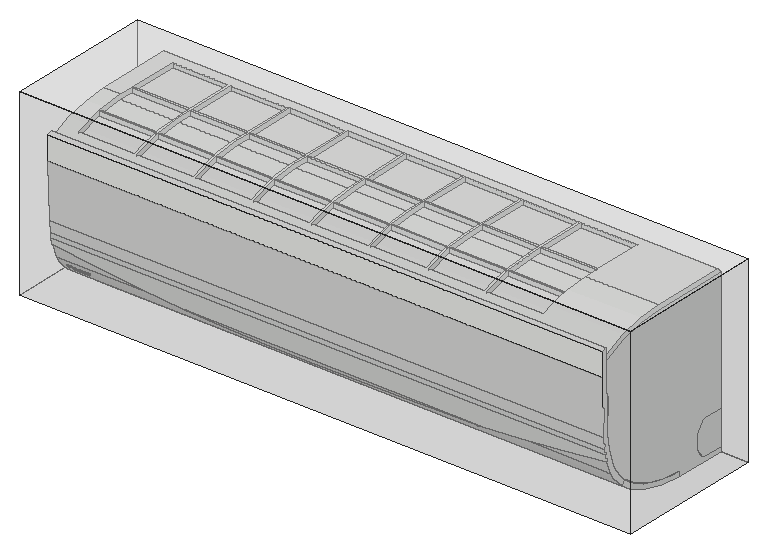
Revit family "outputfile", category 機械設備, Revit 2024
Family settings
  丸型コネクタ寸法 = 半径を使用
  パーツ タイプ = 標準
  OmniClass 番号 = 23.75.10.24.21.27.27
  OmniClass タイトル = Split System Air Conditioning Units
  作業面ベース = いいえ
  常に垂直 = はい
  ロード時にボイドで切り取り = いいえ
  注釈の向きを維持 = いいえ
  共有 = いいえ
  部屋計算ポイント = いいえ
Parameters (values of type "CTKC50SVM4")
  Description = ""
  書き出し IFC クラス(タイプ) = "IfcUnitaryEquipmentType"
  定義済み IFC タイプ(タイプ) = "AIRCONDITIONINGUNIT"
  Cost = 0
  Type Comments = ""
  Keynote = ""
  Type Image = (empty or 0)
  Assembly Code = ""
  w_wall hole = if(Width = 770.0 mm, 48.0 mm, 60.0 mm)  # 60.0 mm
  製造元 = "Daikin"
  モデル = "CTKC50SVM4"
  switch_frequency = yes
  r_Liquid Pipe Size = Liquid Pipe Size / 2  # 3.2 mm
  r_Gas Pipe Size = Gas Pipe Size / 2  # 6.35 mm
  r_Drain Pipe Size = Drain Pipe Size / 2  # 8.0 mm
  lw_powersupply [instance] = if(Width = 770.0 mm, if(or(Rear Right Connection_refrigerant, Bottom Right Connection_refrigerant), 25.0 mm, if(or(Rear Left Connection_refrigerant, Bottom Left Connection_refrigerant), 745.0 mm, 400.0 mm)), if(Width = 990.0 mm, if(or(Rear Right Connection_refrigerant, Bottom Right Connection_refrigerant), 40.0 mm, if(or(Rear Left Connection_refrigerant, Bottom Left Connection_refrigerant), 920.0 mm, 400.0 mm)), if(or(Rear Right Connection_refrigerant, Bottom Right Connection_refrigerant), 40.0 mm, if(or(Rear Left Connection_refrigerant, Bottom Left Connection_refrigerant), 920.0 mm, 400.0 mm))))  # 400.0 mm
  lw_liquidpipe [instance] = if(Width = 770.0 mm, if(or(Rear Right Connection_refrigerant, Bottom Right Connection_refrigerant), 0.0 mm, if(or(Rear Left Connection_refrigerant, Bottom Left Connection_refrigerant), 664.0 mm, 385.0 mm)), if(Width = 990.0 mm, if(or(Rear Right Connection_refrigerant, Bottom Right Connection_refrigerant), 0.0 mm, if(or(Rear Left Connection_refrigerant, Bottom Left Connection_refrigerant), 664.0 mm + (990.0 mm - 770.0 mm), 475.0 mm)), if(or(Rear Right Connection_refrigerant, Bottom Right Connection_refrigerant), 0.0 mm, if(or(Rear Left Connection_refrigerant, Bottom Left Connection_refrigerant), 664.0 mm + (990.0 mm - 770.0 mm), 475.0 mm))))  # 475.0 mm
  lw_gaspipe [instance] = if(Width = 770.0 mm, if(or(Rear Right Connection_refrigerant, Bottom Right Connection_refrigerant), 0.0 mm, if(or(Rear Left Connection_refrigerant, Bottom Left Connection_refrigerant), 675.0 mm, if(Gas Pipe Size = 12.7 mm, 345.0 mm, 335.0 mm))), if(Width = 990.0 mm, if(or(Rear Right Connection_refrigerant, Bottom Right Connection_refrigerant), 10.0 mm, if(or(Rear Left Connection_refrigerant, Bottom Left Connection_refrigerant), 890.0 mm, if(Gas Pipe Size = 15.9 mm, 410.0 mm, 400.0 mm))), if(or(Rear Right Connection_refrigerant, Bottom Right Connection_refrigerant), 10.0 mm, if(or(Rear Left Connection_refrigerant, Bottom Left Connection_refrigerant), 890.0 mm, if(Gas Pipe Size = 15.9 mm, 410.0 mm, 400.0 mm)))))  # 400.0 mm
  lw_drainpipe [instance] = if(Width = 770.0 mm, if(or(Rear Right Connection_refrigerant, Bottom Right Connection_refrigerant), 0.0 mm, if(or(Rear Left Connection_refrigerant, Bottom Left Connection_refrigerant), 770.0 mm - 48.0 mm - 48.0 mm, 440.0 mm)), if(Width = 990.0 mm, if(or(Rear Right Connection_refrigerant, Bottom Right Connection_refrigerant), 0.0 mm, if(or(Rear Left Connection_refrigerant, Bottom Left Connection_refrigerant), 675.0 mm + (990.0 mm - 770.0 mm), 435.0 mm)), if(or(Rear Right Connection_refrigerant, Bottom Right Connection_refrigerant), 0.0 mm, if(or(Rear Left Connection_refrigerant, Bottom Left Connection_refrigerant), 675.0 mm + (990.0 mm - 770.0 mm), 435.0 mm))))  # 435.0 mm
  l_powersupply_length [instance] = if(Width = 770.0 mm, if(Right Connection_refrigerant, 400.0 mm, if(Left Connection_refrigerant, 770.0 mm - 400.0 mm, if(or(Rear Left Connection_refrigerant, Rear Right Connection_refrigerant), 15.0 mm, 50.0 mm))), if(Width = 990.0 mm, if(Right Connection_refrigerant, 400.0 mm, if(Left Connection_refrigerant, 990.0 mm - 400.0 mm, if(or(Rear Left Connection_refrigerant, Rear Right Connection_refrigerant), 15.0 mm, 50.0 mm))), if(Right Connection_refrigerant, 400.0 mm, if(Left Connection_refrigerant, 990.0 mm - 400.0 mm, if(or(Rear Left Connection_refrigerant, Rear Right Connection_refrigerant), 15.0 mm, 50.0 mm)))))  # 400.0 mm
  l_liquidpipe_length [instance] = if(Width = 770.0 mm, if(Right Connection_refrigerant, 433.0 mm, if(Left Connection_refrigerant, 337.0 mm, if(or(Rear Left Connection_refrigerant, Rear Right Connection_refrigerant), 30.0 mm, 40.0 mm))), if(Width = 990.0 mm, if(Right Connection_refrigerant, 535.0 mm, if(Left Connection_refrigerant, 455.0 mm, if(or(Rear Left Connection_refrigerant, Rear Right Connection_refrigerant), 30.0 mm, 40.0 mm))), if(Right Connection_refrigerant, 535.0 mm, if(Left Connection_refrigerant, 455.0 mm, if(or(Rear Left Connection_refrigerant, Rear Right Connection_refrigerant), 30.0 mm, 40.0 mm)))))  # 535.0 mm
  l_gaspipe_length [instance] = if(Width = 770.0 mm, if(Right Connection_refrigerant, if(Gas Pipe Size = 12.7 mm, 393.0 mm, 383.0 mm), if(Left Connection_refrigerant, if(Gas Pipe Size = 12.7 mm, 770.0 mm - 393.0 mm, 770.0 mm - 383.0 mm), if(or(Rear Left Connection_refrigerant, Rear Right Connection_refrigerant), 40.0 mm, 50.0 mm))), if(Width = 990.0 mm, if(Right Connection_refrigerant, if(Gas Pipe Size = 15.9 mm, 470.0 mm, 460.0 mm), if(Left Connection_refrigerant, if(Gas Pipe Size = 15.9 mm, 990.0 mm - 470.0 mm, 990.0 mm - 460.0 mm), if(or(Rear Left Connection_refrigerant, Rear Right Connection_refrigerant), 40.0 mm, 50.0 mm))), if(Right Connection_refrigerant, if(Gas Pipe Size = 15.9 mm, 470.0 mm, 460.0 mm), if(Left Connection_refrigerant, if(Gas Pipe Size = 15.9 mm, 990.0 mm - 470.0 mm, 990.0 mm - 460.0 mm), if(or(Rear Left Connection_refrigerant, Rear Right Connection_refrigerant), 40.0 mm, 50.0 mm)))))  # 460.0 mm
  l_drainpipe_length [instance] = if(Width = 770.0 mm, if(Right Connection_refrigerant, 488.0 mm, if(Left Connection_refrigerant, 282.0 mm, if(or(Rear Left Connection_refrigerant, Rear Right Connection_refrigerant), 15.0 mm, 20.0 mm))), if(Width = 990.0 mm, if(Right Connection_refrigerant, 495.0 mm, if(Left Connection_refrigerant, 495.0 mm, if(or(Rear Left Connection_refrigerant, Rear Right Connection_refrigerant), 15.0 mm, 20.0 mm))), if(Right Connection_refrigerant, 495.0 mm, if(Left Connection_refrigerant, 495.0 mm, if(or(Rear Left Connection_refrigerant, Rear Right Connection_refrigerant), 15.0 mm, 20.0 mm)))))  # 495.0 mm
  h*** = 0.0 mm  # constant formula
  connector_voltage = Voltage_50Hz  # 230 V
  connector_powerinput = [Power Input (Cooling)]  # 0.000 kW
  connector_phase = Phase_50Hz  # 1
  angle_vertical [instance] = if(or(Bottom Left Connection_refrigerant, Bottom Right Connection_refrigerant), 0.00°, 90.00°)  # 90.00°
  angle_horizontal [instance] = if(Right Connection_refrigerant, 90.00°, if(Left Connection_refrigerant, -90.00°, if(or(Rear Left Connection_refrigerant, Rear Right Connection_refrigerant), 180.00°, 0.00°)))  # 90.00°
  Width = 990.0 mm
  Voltage_comment_50Hz = "220 - 240"
  Voltage_50Hz = 230 V
  Version = "ver.1.0"
  Unit Type = "Wall Mounted"
  Unit Mass Weight = 12.00 kg
  Unit Designation [instance] = ""
  Uniclass2015Version = "Products v1.30"
  Uniclass2015Title = "Split coil room air conditioning units"
  Uniclass2015Code = "Pr_70_65_03_86"
  URL = ""
  Total Cooling Capacity [instance] = 0.000 kW
  Sound Pressure Level_M speed (dBA) = 40
  Sound Pressure Level_L speed (dBA) = 35
  Sound Pressure Level_H speed (dBA) = 44
  Sound Power Level_H speed (dB) = 0
  Series = "Multi Split_Fan Coil Unit"
  Sensible Cooling Capacity [instance] = 0.000 kW
  Refrigerant Type = "R32"
  Power Input (Cooling) = 0.000 kW
  Phase_50Hz = 1
  Option Accessory 3 [instance] = ""
  Option Accessory 2 [instance] = ""
  Option Accessory 1 [instance] = ""
  Nominal Cooling Capacity = 5.000 kW
  Minimum Circuit Amps_50Hz = 0.0 A
  Minimum Airflow = 900.00 m³/h
  Median Airflow = 1032.00 m³/h
  Maximum Fuse Amps_50Hz = 0.0 A
  Maximum Airflow = 1150.00 m³/h
  Material_Casing = DAIKIN_White_Casing_indoorunit
  Load Classification = HVAC
  Liquid Pipe Size = 6.4 mm
  Link_Nested Family [instance] = ""
  IfcVersion = ""
  IfcExportType = "AIRCONDITIONINGUNIT"
  IfcExportAs = "IfcUnitaryEquipmentType"
  Height = 295.0 mm
  Heat Exchanger Type = "Cross Fin Coil"
  Gas Pipe Size = 12.7 mm
  Frequency_50Hz = 50 Hz
  Fan Type = "Cross Flow Fan"
  Fan Drive = "Direct Drive"
  FCU Tag No. [instance] = ""
  Drain Pipe Size = 16.0 mm
  Design Supply Airflow [instance] = 0.00 m³/h
  Depth = 263.0 mm
  既定の高さ = 0.0 mm
  Cooling Entering Wet Bulb Temperature [instance] = 0.00 °C
  Cooling Entering Dry Bulb Temperature [instance] = 0.00 °C
  Cooling Ambient Wet Bulb Temperature [instance] = 0.00 °C
  Cooling Ambient Dry Bulb Temperature [instance] = 0.00 °C
  Clearance visibility [instance] = yes
  Clearance Top = 30.0 mm
  Clearance Right = 50.0 mm
  Clearance Rear = 0.0 mm
  Clearance Left = 50.0 mm
  Clearance Front = 0.0 mm
  Clearance Bottom = 0.0 mm
  Bottom Right Connection_refrigerant [instance] = no
  Bottom Left Connection_refrigerant [instance] = no
  Rear Right Connection_refrigerant [instance] = no
  Rear Left Connection_refrigerant [instance] = no
  Right Connection_refrigerant [instance] = yes
  Left Connection_refrigerant [instance] = no
Reference planes
  plane 1 "Back": y = 0
  plane 2: z = 0
  plane 3 "Center (Left/Right)": x = 0
  plane 4 "Center (Front/Back)": y = -131.5
  plane 5 "Front": y = -263
  plane 6 "Left": x = -495
  plane 7 "Right": x = 495
  plane 8 "Top": z = 0
  plane 9 "Bottom": z = -295
  plane 10: x = -545
  plane 11: x = 545
  plane 12: y = 0
  plane 13: y = -263
  plane 14: z = 30
  plane 15: z = -295
  plane 16 "lw_Piping and Wiring intake": x = 435
  plane 17 "lw_gaspipe": x = 35
  plane 18 "lw_liquidpipe": x = -40
  plane 19 "lw_drainpipe": x = 0
  plane 20 "lh_drainpipe": z = -275
  plane 21 "lh_liquidpipe": z = -255
  plane 22 "lh_gaspipe": z = -245
  plane 23 "ld_drainpipe": y = -15
  plane 24 "ld_liquidpipe": y = -30
  plane 25 "ld_gaspipe": y = -40
  plane 26 "lw_powersupply": x = 95
Dimensions and locks
  equal spacing: plane 6 "Left", plane 3 "Center (Left/Right)", plane 7 "Right"
  "Width": plane 6 "Left" to plane 7 "Right"
  equal spacing: plane 5 "Front", plane 4 "Center (Front/Back)", plane 1 "Back"
  "Depth": plane 5 "Front" to plane 1 "Back"
  "Height": plane 8 "Top" to plane 9 "Bottom"
  "Clearance Rear": plane 12 to plane 1 "Back"
  "Clearance Front": plane 13 to plane 5 "Front"
  "Clearance Top": plane 14 to plane 8 "Top"
  "Clearance Bottom": plane 9 "Bottom" to plane 15
  "w_wall hole": plane 16 "lw_Piping and Wiring intake" to plane 7 "Right"
  "lw_gaspipe": plane 17 "lw_gaspipe" to plane 16 "lw_Piping and Wiring intake"
  "lw_liquidpipe": plane 18 "lw_liquidpipe" to plane 16 "lw_Piping and Wiring intake"
  "lw_drainpipe": plane 19 "lw_drainpipe" to plane 16 "lw_Piping and Wiring intake"
  locked: plane 20 "lh_drainpipe" to plane 9 "Bottom" at 20
  locked: plane 21 "lh_liquidpipe" to plane 9 "Bottom" at 40
  locked: plane 22 "lh_gaspipe" to plane 9 "Bottom" at 50
  locked: plane 23 "ld_drainpipe" to plane 1 "Back" at 15
  locked: plane 1 "Back" to plane 24 "ld_liquidpipe" at 30
  locked: plane 1 "Back" to plane 25 "ld_gaspipe" at 40
  "lw_powersupply": plane 26 "lw_powersupply" to plane 7 "Right"
  "Clearance Right": plane 7 "Right" to plane 11
  "Clearance Left": plane 10 to plane 6 "Left"
  aligned and locked: level to plane 2
  aligned and locked: plane 12 to nested 1
  aligned and locked: nested 1 to plane 13
  aligned and locked: plane 10 to nested 1
  aligned and locked: plane 11 to nested 1
  aligned and locked: plane 15 to nested 1
  aligned and locked: plane 14 to nested 1
  aligned and locked: plane 17 "lw_gaspipe" to nested 2
  aligned and locked: nested 2 to plane 25 "ld_gaspipe"
  aligned and locked: plane 18 "lw_liquidpipe" to nested 3
  aligned and locked: nested 3 to plane 24 "ld_liquidpipe"
  aligned and locked: plane 19 "lw_drainpipe" to nested 4
  aligned and locked: nested 4 to plane 23 "ld_drainpipe"
  aligned and locked: nested 5 to plane 23 "ld_drainpipe"
  aligned and locked: plane 26 "lw_powersupply" to nested 5
  aligned and locked: level to plane 8 "Top"
  aligned and locked: plane 3 "Center (Left/Right)" to nested 6
  aligned and locked: plane 1 "Back" to nested 6
  aligned and locked: plane 8 "Top" to nested 6
Nested families
  nested 1: "daikin_clearancespace" at (0, -131.5, -132.381), show <- "Clearance visibility", visible <- "Clearance visibility", Link_Nested Family <- "Link_Nested Family", type "daikin_clearancespace"
    with width 1090.0 mm, show yes, height 325.0 mm, depth 263.0 mm, Link_Nested Family ""
  nested 2: "daikin_connector_rotate3" at (35, -40, -245), angle_vertical <- "angle_vertical", angle_horizontal <- "angle_horizontal", length <- "l_gaspipe_length", radius <- "r_Gas Pipe Size", type "daikin_connector_rotate3"
    with show no, radius 6.35 mm, length 460.0 mm, angle_vertical 90.00°, angle_horizontal 90.00°
  nested 3: "daikin_connector_rotate3" at (-40, -30, -255), angle_vertical <- "angle_vertical", angle_horizontal <- "angle_horizontal", radius <- "r_Liquid Pipe Size", length <- "l_liquidpipe_length", type "daikin_connector_rotate3"
    with show no, radius 3.2 mm, length 535.0 mm, angle_vertical 90.00°, angle_horizontal 90.00°
  nested 4: "daikin_connector_rotate3" at (0, -15, -275), angle_vertical <- "angle_vertical", angle_horizontal <- "angle_horizontal", length <- "l_drainpipe_length", radius <- "r_Drain Pipe Size", type "daikin_connector_rotate3"
    with show no, radius 8.0 mm, length 495.0 mm, angle_vertical 90.00°, angle_horizontal 90.00°
  nested 5: "daikin_connector_rotate3" at (95, -15, -245), angle_vertical <- "angle_vertical", angle_horizontal <- "angle_horizontal", length <- "l_powersupply_length", type "daikin_connector_rotate3"
    with show no, radius 10.0 mm, length 400.0 mm, angle_vertical 90.00°, angle_horizontal 90.00°
  nested 6: "DAIKIN_indoorunit_CTKC-SVM4" at (-31, 0, 0), type "CTKC-SVM4"
Connectors
  piping at (495, -40, -245), diameter 12.7, driven by "r_Gas Pipe Size"
    settings: on nested 2, index 1, connector inside diameter 609.6 mm, connector length 0.0 mm, flow factor 0, pipe flow 0.00 m³/h, pressure drop 0.0 Pa, fitting loss kfactor 0, connector angle 0.00°, fixture units 0, engagement length 0.0 mm, angle of deflection 0.00°, flow configuration 1, flow direction 2, fitting loss method 0, system type 29, joint type 0, gender type 0, connector reference index -1, connector utility 0, adjustable connector no, is connector primary yes, connector description "Refrigerant Gas Piping"
  piping at (495, -30, -255), diameter 6.4, driven by "r_Liquid Pipe Size"
    settings: on nested 3, index 2, connector inside diameter 609.6 mm, connector length 0.0 mm, flow factor 0, pipe flow 0.00 m³/h, pressure drop 0.0 Pa, fitting loss kfactor 0, connector angle 0.00°, fixture units 0, engagement length 0.0 mm, angle of deflection 0.00°, flow configuration 1, flow direction 1, fitting loss method 0, system type 29, joint type 0, gender type 0, connector reference index -1, connector utility 0, adjustable connector no, is connector primary no, connector description "Refrigerant Liquid Piping"
  piping at (495, -15, -275), diameter 16, driven by "r_Drain Pipe Size"
    settings: on nested 4, index 3, connector inside diameter 609.6 mm, connector length 0.0 mm, flow factor 0, pipe flow 0.00 m³/h, pressure drop 0.0 Pa, fitting loss kfactor 0, connector angle 0.00°, fixture units 0, engagement length 0.0 mm, angle of deflection 0.00°, flow configuration 1, flow direction 2, fitting loss method 4, system type 16, joint type 0, gender type 0, connector reference index -1, connector utility 0, adjustable connector no, is connector primary no, connector description "Condensate Drain Piping"
  electrical at (495, -15, -245), driven by "Load Classification", driven by "connector_voltage", driven by "connector_powerinput", driven by "connector_phase"
    settings: on nested 5, index 4, voltage 230 V, apparent load 0 VA, apparent load phase1 0 VA, apparent load phase2 0 VA, apparent load phase3 0 VA, power factor 1, load classification "HVAC", number of poles 1, system type 30, power factor state 1, is connector primary yes, connector utility no, sub classification motor no, connector description "Power Supply"
Definition of nested family "daikin_clearancespace"
  Parameters (values of type "daikin_clearancespace")
    Description = "daikin_clearancespace"
    width [instance] = 1823.963 mm
    show [instance] = yes
    material = none
    height [instance] = 1359.762 mm
    depth [instance] = 880.0 mm
    Default Elevation = 0.0 mm
    Link_Nested Family [instance] = ""
  Reference planes
    plane 1 "Center (Front/Back)": y = 0
    plane 2 "Center (Elevation)": z = -0.119
    plane 3 "Center (Left/Right)": x = 0
    plane 4: y = 440
    plane 5: y = -440
    plane 6 "Right": x = 911.982
    plane 7 "Left": x = -911.982
    plane 8 "Top": z = 679.762
    plane 9 "Bottom": z = -680
  Forms (mm)
    Extrusion 1, solid, material <- "material", visible <- "show"
      sketch origin (0, 0, 0) x (1, 0, 0) y (0, 1, 0)
        loop
          line (-911.982, 440) -> (-911.982, -440) -> (911.982, -440) -> (911.982, 440) -> (-911.982, 440)
      from -680 to 679.762
  Lines and regions (mm)
    symbolic lines, visible <- "show"
      curve 1: line (911.982, 440, 0) -> (-911.982, 440, 0)
      curve 2: line (-911.982, 440, 0) -> (-911.982, -440, 0)
      curve 3: line (-911.982, -440, 0) -> (911.982, -440, 0)
      curve 4: line (911.982, -440, 0) -> (911.982, 440, 0)
      curve 5: line (911.982, 0, 679.762) -> (-911.982, 0, 679.762)
      curve 6: line (911.982, 0, -680) -> (911.982, 0, 679.762)
      curve 7: line (-911.982, 0, -680) -> (911.982, 0, -680)
      curve 8: line (-911.982, 0, 679.762) -> (-911.982, 0, -680)
      curve 9: line (0, 440, 679.762) -> (0, -440, 679.762)
      curve 10: line (0, -440, 679.762) -> (0, -440, -680)
      curve 11: line (0, 440, -680) -> (0, 440, 679.762)
      curve 12: line (0, -440, -680) -> (0, 440, -680)
  Dimensions and locks
    "width": plane 7 "Left" to plane 6 "Right"
    "depth": plane 4 to plane 5
    "height": plane 8 "Top" to plane 9 "Bottom"
    equal spacing: plane 7 "Left", plane 3 "Center (Left/Right)", plane 6 "Right"
    equal spacing: plane 4, plane 1 "Center (Front/Back)", plane 5
    equal spacing: plane 8 "Top", plane 2 "Center (Elevation)", plane 9 "Bottom"
    aligned and locked: level to plane 2 "Center (Elevation)"
    aligned and locked: Extrusion 1 sketch curve to plane 4
    aligned and locked: plane 7 "Left" to Extrusion 1 sketch curve
    aligned and locked: Extrusion 1 sketch curve to plane 5
    aligned and locked: Extrusion 1 sketch curve to plane 6 "Right"
    aligned and locked: plane 8 "Top" to Extrusion 1
    aligned and locked: curve 1 to Extrusion 1
    aligned and locked: curve 2 to Extrusion 1
    aligned and locked: curve 3 to Extrusion 1
    aligned and locked: curve 4 to Extrusion 1
    aligned and locked: curve 5 to Extrusion 1
    aligned and locked: curve 6 to Extrusion 1
    aligned and locked: curve 7 to Extrusion 1
    aligned and locked: curve 8 to Extrusion 1
    aligned and locked: curve 9 to Extrusion 1
    aligned and locked: curve 10 to Extrusion 1
    aligned and locked: curve 11 to Extrusion 1
    aligned and locked: curve 12 to Extrusion 1
    aligned and locked: Extrusion 1 to plane 9 "Bottom"
Definition of nested family "DAIKIN_indoorunit_CTKC-SVM4"
  Parameters (values of type "FTKM-QVMA")
    Material_Casing = none
    Default Elevation = 0.0 mm
  Reference planes
    plane 1 "Center (Front/Back)": y = 0
    plane 2 "reference_level": z = 0
    plane 3 "Center (Left/Right)": x = 31
    plane 4: x = -464
    plane 5: x = 526
    plane 6: z = -295
  Forms (mm)
    Extrusion 1, solid, material <- "Material_Casing"
      sketch origin (31, 0, 0) x (1, 0, 0) y (0, 0, 1)
        loop
          circle (435, -250.5) r 40
        loop
          circle (-447, -250.5) r 40
      from 0 to 5
    Extrusion 2, solid, material <- "Material_Casing"
      sketch origin (31, 0, 0) x (0, 1, 0) y (0, 0, 1)
        loop
          line (-5, 0) -> (-138, 0)
          arc (-138, 0) -> (-197.611, -7.211) -> (-253.783, -28.427) r 250
          arc (-253.783, -28.427) -> (-253.838, -32.687) -> (-253.886, -36.946) r 2191
          arc (-253.886, -36.946) -> (-197.73, -15.346) -> (-138.014, -8) r 246.393
          line (-138.014, -8) -> (0, -8) -> (-5, 0)
      from -495 to 495
    Extrusion 3, solid, material <- "Material_Casing"
      sketch origin (418, 1296.25, 1200) x (0, 1, 0) y (0, 0, 1)
        loop
          arc (-1515.208, -1454.149) -> (-1506.856, -1460.599) -> (-1497.925, -1466.219) r 110
          arc (-1497.925, -1466.219) -> (-1445.718, -1487.493) -> (-1389.844, -1494.995) r 223
          line (-1389.844, -1494.995) -> (-1389.844, -1486.086) -> (-1404.386, -1486.086)
          arc (-1404.386, -1486.086) -> (-1449.542, -1477.46) -> (-1491.818, -1459.402) r 214.289
          arc (-1491.818, -1459.402) -> (-1501.056, -1453.541) -> (-1509.606, -1446.715) r 101
          line (-1509.606, -1446.715) -> (-1515.208, -1454.149)
      from 108 to 57.5
    Extrusion 4, solid, material <- "Material_Casing"
      sketch origin (31, 0, 0) x (0, 1, 0) y (0, 0, 1)
        loop
          line (-263, -19.962) -> (-263, -61.6)
          arc (-263, -61.6) -> (-262.414, -110.219) -> (-260.656, -158.81) r 2017.341
          arc (-260.656, -158.81) -> (-255.648, -191.935) -> (-244.041, -223.362) r 164.725
          arc (-244.041, -223.362) -> (-233.569, -239.793) -> (-219.717, -253.495) r 87.379
          line (-219.717, -253.495) -> (-214.706, -246.846)
          arc (-214.706, -246.846) -> (-229.564, -230.029) -> (-240.385, -210.371) r 102
          arc (-240.385, -210.371) -> (-249.049, -182.962) -> (-252.848, -154.467) r 165.789
          arc (-252.848, -154.467) -> (-254.771, -90.102) -> (-254.74, -25.708) r 2122.533
          arc (-254.74, -25.708) -> (-254.671, -21.469) -> (-254.594, -17.23) r 2192
          line (-254.594, -17.23) -> (-263, -19.962)
      from -495 to 495
    Extrusion 5, void
      sketch origin (33, 0, 0) x (1, 0, 0) y (0, 1, 0)
        loop
          line (-466.909, -22.316) -> (-466.909, -111.341) -> (-366.303, -111.341) -> (-366.303, -22.316) -> (-466.909, -22.316)
        loop
          line (-362.71, -22.316) -> (-362.71, -111.341) -> (-262.103, -111.341) -> (-262.103, -22.316) -> (-362.71, -22.316)
        loop
          line (-258.51, -22.316) -> (-258.51, -111.341) -> (-157.904, -111.341) -> (-157.904, -22.316) -> (-258.51, -22.316)
        loop
          line (-154.31, -22.316) -> (-154.31, -111.341) -> (-53.704, -111.341) -> (-53.704, -22.316) -> (-154.31, -22.316)
        loop
          line (-50.11, -22.316) -> (-50.11, -111.341) -> (50.496, -111.341) -> (50.496, -22.316) -> (-50.11, -22.316)
        loop
          line (54.089, -22.316) -> (54.089, -111.341) -> (154.696, -111.341) -> (154.696, -22.316) -> (54.089, -22.316)
        loop
          line (158.289, -22.316) -> (158.289, -111.341) -> (258.895, -111.341) -> (258.895, -22.316) -> (158.289, -22.316)
        loop
          line (262.489, -22.316) -> (262.489, -111.341) -> (363.095, -111.341) -> (363.095, -22.316) -> (262.489, -22.316)
        loop
          line (-466.909, -114.459) -> (-466.909, -185.059) -> (-366.303, -185.059) -> (-366.303, -114.459) -> (-466.909, -114.459)
        loop
          line (-362.71, -114.459) -> (-362.71, -185.059) -> (-262.103, -185.059) -> (-262.103, -114.459) -> (-362.71, -114.459)
        loop
          line (-258.51, -114.459) -> (-258.51, -185.059) -> (-157.904, -185.059) -> (-157.904, -114.459) -> (-258.51, -114.459)
        loop
          line (-154.31, -114.459) -> (-154.31, -185.059) -> (-53.704, -185.059) -> (-53.704, -114.459) -> (-154.31, -114.459)
        loop
          line (-50.11, -114.459) -> (-50.11, -185.059) -> (50.496, -185.059) -> (50.496, -114.459) -> (-50.11, -114.459)
        loop
          line (54.089, -114.459) -> (54.089, -185.059) -> (154.696, -185.059) -> (154.696, -114.459) -> (54.089, -114.459)
        loop
          line (158.289, -114.459) -> (158.289, -185.059) -> (258.895, -185.059) -> (258.895, -114.459) -> (158.289, -114.459)
        loop
          line (262.489, -114.459) -> (262.489, -185.059) -> (363.095, -185.059) -> (363.095, -114.459) -> (262.489, -114.459)
        loop
          line (-466.909, -187.382) -> (-466.909, -232.681) -> (-366.303, -232.681) -> (-366.303, -187.382) -> (-466.909, -187.382)
        loop
          line (-362.71, -187.382) -> (-362.71, -232.681) -> (-262.103, -232.681) -> (-262.103, -187.382) -> (-362.71, -187.382)
        loop
          line (-258.51, -187.382) -> (-258.51, -232.681) -> (-157.904, -232.681) -> (-157.904, -187.382) -> (-258.51, -187.382)
        loop
          line (-154.31, -187.382) -> (-154.31, -232.681) -> (-53.704, -232.681) -> (-53.704, -187.382) -> (-154.31, -187.382)
        loop
          line (-50.11, -187.382) -> (-50.11, -232.681) -> (50.496, -232.681) -> (50.496, -187.382) -> (-50.11, -187.382)
        loop
          line (54.089, -187.382) -> (54.089, -232.681) -> (154.696, -232.681) -> (154.696, -187.382) -> (54.089, -187.382)
        loop
          line (158.289, -187.382) -> (158.289, -232.681) -> (258.895, -232.681) -> (258.895, -187.382) -> (158.289, -187.382)
        loop
          line (262.489, -187.382) -> (262.489, -232.681) -> (363.095, -232.681) -> (363.095, -187.382) -> (262.489, -187.382)
      from -40.013 to 47.268
    Extrusion 6, void
      sketch origin (33, 0, 2300) x (1, 0, 0) y (0, 0, 1)
        loop
          line (705, -2672.872) -> (705, -2462.4)
          arc (705, -2462.4) -> (-2.043, -2534.819) -> (-709, -2461.567) r 3467.757
          line (-709, -2461.567) -> (-709, -2672.872) -> (705, -2672.872)
      from 173 to 315.3
    Extrusion 7, solid, material <- "Material_Casing"
      sketch origin (-356, 1296.25, 1200) x (0, 1, 0) y (0, 0, -1)
        loop
          line (-1515.208, 1454.149) -> (-1509.606, 1446.715)
          arc (-1509.606, 1446.715) -> (-1501.056, 1453.541) -> (-1491.818, 1459.402) r 101
          arc (-1491.818, 1459.402) -> (-1449.542, 1477.46) -> (-1404.386, 1486.086) r 214.289
          line (-1404.386, 1486.086) -> (-1389.844, 1486.086) -> (-1389.844, 1494.995)
          arc (-1389.844, 1494.995) -> (-1445.718, 1487.493) -> (-1497.925, 1466.219) r 223
          arc (-1497.925, 1466.219) -> (-1506.856, 1460.599) -> (-1515.208, 1454.149) r 110
      from 108 to 61
    Extrusion 8, solid, material <- "Material_Casing"
      sketch origin (418, 1296.25, 1200) x (0, 1, 0) y (0, 0, 1)
        loop
          arc (-1515.208, -1454.149) -> (-1506.856, -1460.599) -> (-1497.925, -1466.219) r 110
          arc (-1497.925, -1466.219) -> (-1463.185, -1482.066) -> (-1426.25, -1491.755) r 223
          line (-1426.25, -1491.755) -> (-1426.25, -1483.166)
          arc (-1426.25, -1483.166) -> (-1460.008, -1473.969) -> (-1491.818, -1459.402) r 214.289
          arc (-1491.818, -1459.402) -> (-1501.056, -1453.541) -> (-1509.606, -1446.715) r 101
          line (-1509.606, -1446.715) -> (-1515.208, -1454.149)
      from 56.5 to -36.993
    Extrusion 9, solid, material <- "Material_Casing"
      sketch origin (418, 1296.25, 1200) x (0, 1, 0) y (0, 0, 1)
        loop
          arc (-1426.25, -1483.166) -> (-1443.442, -1479.224) -> (-1460.25, -1473.881) r 214.289
          line (-1460.25, -1473.881) -> (-1460.25, -1483.089)
          arc (-1460.25, -1483.089) -> (-1443.421, -1488.091) -> (-1426.25, -1491.755) r 223
          line (-1426.25, -1491.755) -> (-1426.25, -1483.166)
      from -43.493 to -828.893
    Extrusion 10, solid, material <- "Material_Casing"
      sketch origin (418, 1296.25, 1200) x (0, 1, 0) y (0, 0, 1)
        loop
          arc (-1515.208, -1454.149) -> (-1506.856, -1460.599) -> (-1497.925, -1466.219) r 110
          arc (-1497.925, -1466.219) -> (-1479.479, -1475.527) -> (-1460.25, -1483.089) r 223
          line (-1460.25, -1483.089) -> (-1460.25, -1473.881)
          arc (-1460.25, -1473.881) -> (-1476.328, -1467.282) -> (-1491.818, -1459.402) r 214.289
          arc (-1491.818, -1459.402) -> (-1501.056, -1453.541) -> (-1509.606, -1446.715) r 101
          line (-1509.606, -1446.715) -> (-1515.208, -1454.149)
      from -43.493 to -828.893
    Extrusion 11, solid, material <- "Material_Casing"
      sketch origin (31, 0, 0) x (0, 1, 0) y (0, 0, 1)
        loop
          arc (-217.78, -250.924) -> (-234.088, -233.307) -> (-245.826, -212.366) r 102
          arc (-245.826, -212.366) -> (-251.608, -196.062) -> (-255.659, -179.245) r 165.789
          line (-255.659, -179.245) -> (-258.299, -179.737)
          arc (-258.299, -179.737) -> (-257.524, -183.799) -> (-256.646, -187.84) r 164.725
          arc (-256.646, -187.84) -> (-252.868, -206.25) -> (-249.973, -224.82) r 393.089
          arc (-249.973, -224.82) -> (-239.237, -236.969) -> (-227.451, -248.102) r 180
          arc (-227.451, -248.102) -> (-223.723, -250.998) -> (-219.717, -253.495) r 45.878
          line (-219.717, -253.495) -> (-217.78, -250.924)
      from -495 to 495
    Extrusion 12, solid, material <- "Material_Casing"
      sketch origin (31, 0, -30) x (0, 1, 0) y (0, 0, 1)
        loop
          line (0, 22) -> (-138.014, 22)
          arc (-138.014, 22) -> (-197.73, 14.654) -> (-253.886, -6.946) r 246.393
          arc (-253.886, -6.946) -> (-253.682, -65.635) -> (-251.855, -124.295) r 2120.935
          arc (-251.855, -124.295) -> (-248.086, -152.682) -> (-239.461, -179.988) r 164.789
          arc (-239.461, -179.988) -> (-228.903, -199.231) -> (-214.437, -215.738) r 101
          line (-214.437, -215.738) -> (-212.406, -216.221)
          arc (-212.406, -216.221) -> (-204.07, -222.837) -> (-195.079, -228.53) r 100
          arc (-195.079, -228.53) -> (-145.557, -248.629) -> (-92.593, -255.785) r 213.289
          line (-92.593, -255.785) -> (-92.593, -265) -> (0, -265) -> (0, 22)
      from -495 to 495
    Extrusion 13, solid, material <- "Material_Casing"
      sketch origin (526, 1296.25, 1200) x (0, -1, 0) y (0, 0, 1)
        loop
          line (1326.25, -1427.035) -> (1296.25, -1427.035) -> (1296.25, -1487.035) -> (1326.25, -1487.035)
          arc (1326.25, -1487.035) -> (1340.393, -1481.177) -> (1346.25, -1467.035) r 20
          line (1346.25, -1467.035) -> (1346.25, -1447.035)
          arc (1346.25, -1447.035) -> (1340.393, -1432.892) -> (1326.25, -1427.035) r 20
      from 0 to 5
    Extrusion 14, solid, material <- "Material_Casing"
      sketch origin (-459, 1296.25, 1200) x (0, -1, 0) y (0, 0, 1)
        loop
          line (1326.25, -1427.035) -> (1296.25, -1427.035) -> (1296.25, -1487.035) -> (1326.25, -1487.035)
          arc (1326.25, -1487.035) -> (1340.393, -1481.177) -> (1346.25, -1467.035) r 20
          line (1346.25, -1467.035) -> (1346.25, -1447.035)
          arc (1346.25, -1447.035) -> (1340.393, -1432.892) -> (1326.25, -1427.035) r 20
      from 0 to 5
    Extrusion 15, solid, material <- "Material_Casing"
      sketch origin (31, 200, -295) x (-1, 0, 0) y (0, -1, 0)
        loop
          line (469, 200) -> (469, 230)
          arc (469, 230) -> (463.142, 244.142) -> (449, 250) r 20
          line (449, 250) -> (429, 250)
          arc (429, 250) -> (414.858, 244.142) -> (409, 230) r 20
          line (409, 230) -> (409, 200) -> (469, 200)
        loop
          line (-469, 200) -> (-409, 200) -> (-409, 230)
          arc (-409, 230) -> (-414.858, 244.142) -> (-429, 250) r 20
          line (-429, 250) -> (-449, 250)
          arc (-449, 250) -> (-463.142, 244.142) -> (-469, 230) r 20
          line (-469, 230) -> (-469, 200)
      from 0 to 5
  Cuts and joins
    Extrusion 5 cuts Extrusion 2
    Extrusion 6 cuts Extrusion 11
    joined: Extrusion 4, Extrusion 11
  Lines and regions (mm)
    reference lines
      curve 1: line (-523, -240.779, -229.404) -> (-523, -232.411, -239.977)
  Dimensions and locks
    equal spacing: plane 5, plane 3 "Center (Left/Right)", plane 4
    plane 5 to plane 4 = 990.0 mm
    locked: Extrusion 1 sketch curve to plane 4 at 48
    plane 5 to Extrusion 1 sketch curve = 60.0 mm
    plane 2 "reference_level" to plane 6 = 295.0 mm
    locked: Extrusion 1 sketch curve to plane 6 at 44.5  (x2)
    locked: Extrusion 4 to nested 1 at 15
    locked: Extrusion 13 sketch curve to Extrusion 13 sketch curve at 60
    locked: Extrusion 13 sketch curve to Extrusion 13 sketch curve at 50
    locked: Extrusion 14 sketch curve to Extrusion 14 sketch curve at 60
    locked: Extrusion 14 sketch curve to Extrusion 14 sketch curve at 50
    locked: Extrusion 15 sketch curve to Extrusion 15 sketch curve at 60  (x2)
    locked: Extrusion 15 sketch curve to Extrusion 15 sketch curve at 50  (x2)
    diameter of Extrusion 1 sketch curve = 80.0 mm  (x2)
    aligned and locked: level to plane 2 "reference_level"
    aligned and locked: Extrusion 1 to plane 1 "Center (Front/Back)"
    aligned and locked: nested 1 to curve 1
  Automatic sketch dimensions
    curve 1 to curve 1 = 10.573 mm
    curve 1 to curve 1 = 8.368 mm
    Extrusion 6 sketch curve to plane 3 "Center (Left/Right)" = 707.0 mm
    plane 3 "Center (Left/Right)" to Extrusion 6 sketch curve = 2.0 mm
    plane 3 "Center (Left/Right)" to Extrusion 6 sketch curve = 707.0 mm
    Extrusion 6 sketch curve to level = 372.872 mm
    Extrusion 6 sketch curve to level = 162.4 mm
    Extrusion 6 sketch curve to level = 161.567 mm
    Extrusion 2 sketch curve to level = 0.0 mm
    Extrusion 2 sketch curve to plane 1 "Center (Front/Back)" = 0.0 mm
    plane 1 "Center (Front/Back)" to Extrusion 2 sketch curve = 5.0 mm
    Extrusion 2 sketch curve to Extrusion 2 sketch curve = 133.0 mm
    Extrusion 2 sketch curve to Extrusion 2 sketch curve = 0.013 mm
    Extrusion 2 sketch curve to level = 59.292 mm
    Extrusion 2 sketch curve to plane 1 "Center (Front/Back)" = 1937.0 mm
    Extrusion 2 sketch curve to Extrusion 2 sketch curve = 250.0 mm
    Extrusion 2 sketch curve to Extrusion 2 sketch curve = 4.393 mm
    Extrusion 2 sketch curve to level = 8.0 mm
    Extrusion 2 sketch curve to level = 28.427 mm
    plane 1 "Center (Front/Back)" to Extrusion 3 sketch curve = 218.957 mm
    Extrusion 3 sketch curve to Extrusion 3 sketch curve = 5.601 mm
    Extrusion 3 sketch curve to Extrusion 3 sketch curve = 65.735 mm
    Extrusion 3 sketch curve to Extrusion 3 sketch curve = 1.462 mm
    plane 1 "Center (Front/Back)" to Extrusion 3 sketch curve = 108.136 mm
    Extrusion 3 sketch curve to Extrusion 3 sketch curve = 14.543 mm
    plane 1 "Center (Front/Back)" to Extrusion 3 sketch curve = 92.093 mm
    Extrusion 3 sketch curve to Extrusion 3 sketch curve = 1.354 mm
    Extrusion 3 sketch curve to level = 294.995 mm
    Extrusion 3 sketch curve to Extrusion 3 sketch curve = 8.909 mm
    Extrusion 3 sketch curve to Extrusion 3 sketch curve = 31.937 mm
    Extrusion 3 sketch curve to Extrusion 3 sketch curve = 7.433 mm
    Extrusion 3 sketch curve to Extrusion 3 sketch curve = 75.403 mm
    Extrusion 3 sketch curve to Extrusion 3 sketch curve = 0.896 mm
    Extrusion 3 sketch curve to level = 72.504 mm
    Extrusion 3 sketch curve to Extrusion 3 sketch curve = 0.504 mm
    Extrusion 4 sketch curve to level = 19.962 mm
    plane 1 "Center (Front/Back)" to Extrusion 4 sketch curve = 263.0 mm
    Extrusion 4 sketch curve to level = 17.23 mm
    Extrusion 4 sketch curve to Extrusion 4 sketch curve = 8.406 mm
    Extrusion 4 sketch curve to Extrusion 4 sketch curve = 43.283 mm
    Extrusion 4 sketch curve to Extrusion 4 sketch curve = 5.011 mm
    Extrusion 4 sketch curve to Extrusion 4 sketch curve = 49.129 mm
    Extrusion 4 sketch curve to Extrusion 4 sketch curve = 19.417 mm
    Extrusion 4 sketch curve to Extrusion 4 sketch curve = 50.037 mm
    Extrusion 4 sketch curve to Extrusion 4 sketch curve = 8.89 mm
    Extrusion 4 sketch curve to level = 61.6 mm
    Extrusion 4 sketch curve to plane 1 "Center (Front/Back)" = 1754.341 mm
    Extrusion 4 sketch curve to level = 58.909 mm
    Extrusion 4 sketch curve to Extrusion 4 sketch curve = 113.192 mm
    Extrusion 4 sketch curve to Extrusion 4 sketch curve = 69.467 mm
    Extrusion 4 sketch curve to level = 146.886 mm
    Extrusion 4 sketch curve to Extrusion 4 sketch curve = 3.987 mm
    Extrusion 4 sketch curve to Extrusion 4 sketch curve = 20.44 mm
    Extrusion 4 sketch curve to Extrusion 4 sketch curve = 13.597 mm
    Extrusion 4 sketch curve to Extrusion 4 sketch curve = 61.936 mm
    Extrusion 4 sketch curve to Extrusion 4 sketch curve = 6.649 mm
    Extrusion 4 sketch curve to level = 59.438 mm
    Extrusion 4 sketch curve to Extrusion 4 sketch curve = 0.0 mm
    Extrusion 4 sketch curve to Extrusion 4 sketch curve = 0.147 mm
    Extrusion 4 sketch curve to Extrusion 4 sketch curve = 7.808 mm
    plane 1 "Center (Front/Back)" to Extrusion 5 sketch curve = 22.316 mm  (x6)
    Extrusion 5 sketch curve to plane 3 "Center (Left/Right)" = 464.909 mm
    Extrusion 5 sketch curve to Extrusion 5 sketch curve = 0.0 mm  (x27)
    Extrusion 5 sketch curve to Extrusion 5 sketch curve = 100.606 mm  (x7)
    Extrusion 5 sketch curve to Extrusion 5 sketch curve = 3.594 mm  (x16)
    Extrusion 5 sketch curve to plane 3 "Center (Left/Right)" = 51.704 mm
    plane 3 "Center (Left/Right)" to Extrusion 5 sketch curve = 52.496 mm  (x2)
    Extrusion 5 sketch curve to Extrusion 5 sketch curve = 89.026 mm  (x6)
    Extrusion 5 sketch curve to Extrusion 5 sketch curve = 3.117 mm  (x8)
    Extrusion 5 sketch curve to Extrusion 5 sketch curve = 70.6 mm  (x7)
    Extrusion 5 sketch curve to Extrusion 5 sketch curve = 2.324 mm  (x8)
    Extrusion 5 sketch curve to Extrusion 5 sketch curve = 45.299 mm  (x7)
    plane 1 "Center (Front/Back)" to Extrusion 7 sketch curve = 218.957 mm
    Extrusion 7 sketch curve to Extrusion 7 sketch curve = 5.601 mm
    Extrusion 7 sketch curve to Extrusion 7 sketch curve = 65.735 mm
    Extrusion 7 sketch curve to Extrusion 7 sketch curve = 1.462 mm
    plane 1 "Center (Front/Back)" to Extrusion 7 sketch curve = 108.136 mm
    Extrusion 7 sketch curve to Extrusion 7 sketch curve = 14.543 mm
    plane 1 "Center (Front/Back)" to Extrusion 7 sketch curve = 92.093 mm
    Extrusion 7 sketch curve to Extrusion 7 sketch curve = 1.354 mm
    Extrusion 7 sketch curve to level = 72.0 mm
    Extrusion 7 sketch curve to Extrusion 7 sketch curve = 0.504 mm
    Extrusion 7 sketch curve to Extrusion 7 sketch curve = 98.416 mm
    Extrusion 7 sketch curve to Extrusion 7 sketch curve = 0.896 mm
    Extrusion 7 sketch curve to Extrusion 7 sketch curve = 76.3 mm
    Extrusion 7 sketch curve to Extrusion 7 sketch curve = 7.433 mm
    Extrusion 7 sketch curve to Extrusion 7 sketch curve = 26.684 mm
    Extrusion 7 sketch curve to Extrusion 7 sketch curve = 8.909 mm
    plane 1 "Center (Front/Back)" to Extrusion 8 sketch curve = 218.957 mm
    Extrusion 8 sketch curve to Extrusion 8 sketch curve = 5.601 mm
    Extrusion 8 sketch curve to Extrusion 8 sketch curve = 65.735 mm
    Extrusion 8 sketch curve to Extrusion 8 sketch curve = 1.462 mm
    Extrusion 8 sketch curve to Extrusion 8 sketch curve = 83.356 mm
    plane 1 "Center (Front/Back)" to Extrusion 8 sketch curve = 92.093 mm
    Extrusion 8 sketch curve to Extrusion 8 sketch curve = 1.354 mm
    Extrusion 8 sketch curve to level = 291.755 mm
    Extrusion 8 sketch curve to Extrusion 8 sketch curve = 8.588 mm
    Extrusion 8 sketch curve to Extrusion 8 sketch curve = 29.018 mm
    Extrusion 8 sketch curve to Extrusion 8 sketch curve = 7.433 mm
    Extrusion 8 sketch curve to Extrusion 8 sketch curve = 75.403 mm
    Extrusion 8 sketch curve to Extrusion 8 sketch curve = 0.896 mm
    Extrusion 8 sketch curve to level = 72.504 mm
    Extrusion 8 sketch curve to Extrusion 8 sketch curve = 0.504 mm
    plane 1 "Center (Front/Back)" to Extrusion 9 sketch curve = 164.0 mm
    Extrusion 9 sketch curve to Extrusion 9 sketch curve = 34.0 mm
    plane 1 "Center (Front/Back)" to Extrusion 9 sketch curve = 92.093 mm
    Extrusion 9 sketch curve to Extrusion 9 sketch curve = 1.354 mm
    Extrusion 9 sketch curve to level = 291.755 mm
    Extrusion 9 sketch curve to Extrusion 9 sketch curve = 8.588 mm
    Extrusion 9 sketch curve to Extrusion 9 sketch curve = 0.077 mm
    Extrusion 9 sketch curve to Extrusion 9 sketch curve = 9.207 mm
    plane 1 "Center (Front/Back)" to Extrusion 10 sketch curve = 218.957 mm
    Extrusion 10 sketch curve to Extrusion 10 sketch curve = 5.601 mm
    Extrusion 10 sketch curve to Extrusion 10 sketch curve = 49.356 mm
    Extrusion 10 sketch curve to Extrusion 10 sketch curve = 65.735 mm
    Extrusion 10 sketch curve to Extrusion 10 sketch curve = 1.462 mm
    plane 1 "Center (Front/Back)" to Extrusion 10 sketch curve = 92.093 mm
    Extrusion 10 sketch curve to Extrusion 10 sketch curve = 1.354 mm
    Extrusion 10 sketch curve to level = 283.089 mm
    Extrusion 10 sketch curve to Extrusion 10 sketch curve = 9.207 mm
    Extrusion 10 sketch curve to Extrusion 10 sketch curve = 19.733 mm
    Extrusion 10 sketch curve to Extrusion 10 sketch curve = 7.433 mm
    Extrusion 10 sketch curve to Extrusion 10 sketch curve = 75.403 mm
    Extrusion 10 sketch curve to Extrusion 10 sketch curve = 0.896 mm
    Extrusion 10 sketch curve to level = 72.504 mm
    Extrusion 10 sketch curve to Extrusion 10 sketch curve = 0.504 mm
    Extrusion 11 sketch curve to level = 276.055 mm
    plane 1 "Center (Front/Back)" to Extrusion 11 sketch curve = 639.709 mm
    plane 1 "Center (Front/Back)" to Extrusion 11 sketch curve = 258.299 mm
    Extrusion 11 sketch curve to Extrusion 11 sketch curve = 2.64 mm
    Extrusion 11 sketch curve to Extrusion 11 sketch curve = 35.942 mm
    Extrusion 11 sketch curve to Extrusion 11 sketch curve = 1.937 mm
    Extrusion 11 sketch curve to Extrusion 11 sketch curve = 20.299 mm
    Extrusion 11 sketch curve to Extrusion 11 sketch curve = 45.88 mm
    Extrusion 11 sketch curve to Extrusion 11 sketch curve = 41.737 mm
    Extrusion 11 sketch curve to Extrusion 11 sketch curve = 13.741 mm
    Extrusion 11 sketch curve to Extrusion 11 sketch curve = 3.448 mm
    Extrusion 11 sketch curve to level = 253.495 mm
    Extrusion 11 sketch curve to Extrusion 11 sketch curve = 2.571 mm
    Extrusion 11 sketch curve to Extrusion 11 sketch curve = 37.558 mm
    Extrusion 11 sketch curve to Extrusion 11 sketch curve = 33.63 mm
    Extrusion 11 sketch curve to Extrusion 11 sketch curve = 0.492 mm
    Extrusion 11 sketch curve to Extrusion 11 sketch curve = 40.059 mm
    Extrusion 11 sketch curve to Extrusion 11 sketch curve = 22.435 mm
    Extrusion 11 sketch curve to Extrusion 11 sketch curve = 1.992 mm
    Extrusion 11 sketch curve to Extrusion 11 sketch curve = 37.063 mm
    Extrusion 11 sketch curve to Extrusion 11 sketch curve = 0.0 mm
    Extrusion 11 sketch curve to Extrusion 11 sketch curve = 4.147 mm
    Extrusion 12 sketch curve to Extrusion 12 sketch curve = 0.0 mm  (x4)
    Extrusion 12 sketch curve to plane 1 "Center (Front/Back)" = 0.0 mm
    plane 1 "Center (Front/Back)" to Extrusion 12 sketch curve = 87.233 mm
    Extrusion 12 sketch curve to Extrusion 12 sketch curve = 3.506 mm
    Extrusion 12 sketch curve to Extrusion 12 sketch curve = 92.593 mm
    Extrusion 12 sketch curve to Extrusion 12 sketch curve = 45.42 mm
    Extrusion 12 sketch curve to Extrusion 12 sketch curve = 58.927 mm
    Extrusion 12 sketch curve to Extrusion 12 sketch curve = 74.393 mm
    Extrusion 12 sketch curve to Extrusion 12 sketch curve = 2.031 mm
    Extrusion 12 sketch curve to level = 58.927 mm
    Extrusion 12 sketch curve to plane 1 "Center (Front/Back)" = 1866.935 mm
    Extrusion 12 sketch curve to level = 72.504 mm
    Extrusion 12 sketch curve to Extrusion 12 sketch curve = 74.381 mm
    Extrusion 12 sketch curve to Extrusion 12 sketch curve = 24.427 mm
    Extrusion 12 sketch curve to Extrusion 12 sketch curve = 74.426 mm
    Extrusion 12 sketch curve to Extrusion 12 sketch curve = 0.483 mm
    Extrusion 12 sketch curve to Extrusion 12 sketch curve = 4.137 mm
    Extrusion 12 sketch curve to Extrusion 12 sketch curve = 31.393 mm
    Extrusion 12 sketch curve to Extrusion 12 sketch curve = 9.215 mm
    Extrusion 12 sketch curve to level = 8.0 mm
    Extrusion 13 sketch curve to plane 1 "Center (Front/Back)" = 0.0 mm
    Extrusion 13 sketch curve to Extrusion 13 sketch curve = 20.0 mm  (x2)
    Extrusion 13 sketch curve to level = 287.035 mm
    Extrusion 14 sketch curve to plane 1 "Center (Front/Back)" = 0.0 mm
    Extrusion 14 sketch curve to Extrusion 14 sketch curve = 20.0 mm  (x2)
    Extrusion 14 sketch curve to level = 287.035 mm
    plane 1 "Center (Front/Back)" to Extrusion 15 sketch curve = 0.0 mm  (x2)
    plane 3 "Center (Left/Right)" to Extrusion 15 sketch curve = 469.0 mm
    Extrusion 15 sketch curve to Extrusion 15 sketch curve = 20.0 mm  (x4)
    Extrusion 15 sketch curve to plane 3 "Center (Left/Right)" = 409.0 mm
    curve 1 to level = 239.977 mm
    plane 1 "Center (Front/Back)" to curve 1 = 232.411 mm
  Nested families
    nested 1: "daikin_logo_plane_w40" at (-430, -237.74, -233.244) x (1, 0, 0) z (0, -0.7841, -0.6206), type "daikin_logo_plane_w40"
      with show_logo yes
  Definition of nested family "daikin_logo_plane_w40"
    Parameters (values of type "daikin_logo_plane_w40")
      width = 40.0 mm
      show_logo [instance] = yes
      material = none
      height = 0.0 mm
      depth = 0.0 mm
      Default Elevation = 1219.2 mm
    Reference planes
      plane 1 "Center (Front/Back)": y = 0
      plane 2: z = 0
      plane 3 "Center (Left/Right)": x = 0
      plane 4: z = 2
      plane 5 "left": x = -19
      plane 6: x = 19
    Forms (mm)
      Extrusion 1, solid, visible <- "show_logo"
        sketch origin (-19, 0, 0) x (1, 0, 0) y (0, 1, 0)
          loop
            line (8.902, -1.878) -> (7.789, -6.332) -> (11.13, -6.332)
            arc (11.13, -6.332) -> (12.454, -6.064) -> (13.472, -5.176) r 2.642
            arc (13.472, -5.176) -> (13.92, -4.02) -> (13.767, -2.79) r 2.537
            arc (13.767, -2.79) -> (13.452, -2.342) -> (12.982, -2.06) r 1.321
            arc (12.982, -2.06) -> (12.063, -1.902) -> (11.13, -1.878) r 6.479
            line (11.13, -1.878) -> (8.902, -1.878)
          loop
            line (10.016, -5.441) -> (10.907, -5.441)
            arc (10.907, -5.441) -> (11.591, -4.983) -> (11.988, -4.261) r 1.742
            spline (11.988, -4.261) -> (12.01, -4.155) -> (12.027, -4.03) -> (12.037, -3.893) -> (12.037, -3.747) -> (12.026, -3.598) -> (12.002, -3.451) -> (11.962, -3.31) -> (11.905, -3.181) -> (11.829, -3.069) -> (11.731, -2.978) -> (11.61, -2.913) -> (11.464, -2.88)
            line (11.464, -2.88) -> (10.573, -2.88) -> (10.016, -5.441)
          loop
            line (13.58, -6.332) -> (14.805, -6.332) -> (15.223, -5.553) -> (16.977, -5.553) -> (17.144, -6.332) -> (19.149, -6.332) -> (18.258, -1.878) -> (16.03, -1.878) -> (13.58, -6.332)
          loop
            line (16.476, -3.214) -> (15.76, -4.551) -> (16.762, -4.551) -> (16.476, -3.214)
          loop
            line (19.705, -6.332) -> (21.599, -6.332) -> (22.712, -1.878) -> (20.819, -1.878) -> (19.705, -6.332)
          loop
            line (22.712, -6.332) -> (24.606, -6.332) -> (24.908, -5.122) -> (25.831, -6.332) -> (28.17, -6.332) -> (26.388, -3.994) -> (28.949, -1.878) -> (26.945, -1.878) -> (25.401, -3.153) -> (25.719, -1.878) -> (23.826, -1.878) -> (22.712, -6.332)
          loop
            line (29.84, -1.878) -> (28.615, -6.332) -> (30.62, -6.332) -> (31.734, -1.878) -> (29.84, -1.878)
          loop
            line (31.734, -6.332) -> (33.07, -6.332) -> (33.7, -3.814) -> (34.518, -6.332) -> (36.745, -6.332) -> (37.859, -1.878) -> (36.523, -1.878) -> (35.845, -4.589) -> (34.963, -1.878) -> (32.847, -1.878) -> (31.734, -6.332)
        from 0 to 2
      Extrusion 2, solid, visible <- "show_logo"
        sketch origin (-19, 0, 0) x (1, 0, 0) y (0, 1, 0)
          loop
            line (8.7, 0) -> (4.235, 0) -> (0, -3.879) -> (0, -8) -> (8.7, 0)
        from 0 to 2
      Extrusion 3, solid, visible <- "show_logo"
        sketch origin (-19, 0, 0) x (1, 0, 0) y (0, 1, 0)
          loop
            line (0, 0) -> (0, -3.879) -> (4.235, 0) -> (0, 0)
        from 0 to 2
    Dimensions and locks
      plane 4 to plane 2 = 2.0 mm
      equal spacing: plane 5 "left", plane 3 "Center (Left/Right)", plane 6
      locked: plane 5 "left" to plane 6 at 38
      aligned and locked: level to plane 2
      aligned and locked: Extrusion 3 to plane 1 "Center (Front/Back)"  (x2)
      aligned and locked: Extrusion 2 to plane 1 "Center (Front/Back)"  (x2)
      aligned and locked: plane 4 to Extrusion 1
      aligned and locked: plane 4 to Extrusion 3
      aligned and locked: plane 4 to Extrusion 2
      aligned and locked: Extrusion 3 to plane 5 "left"
      aligned and locked: Extrusion 2 to plane 5 "left"
    Automatic sketch dimensions
      Extrusion 1 sketch curve to Extrusion 1 sketch curve = 0.901 mm
      Extrusion 1 sketch curve to Extrusion 1 sketch curve = 1.559 mm
      Extrusion 1 sketch curve to Extrusion 1 sketch curve = 1.327 mm
      Extrusion 1 sketch curve to Extrusion 1 sketch curve = 2.145 mm
      Extrusion 1 sketch curve to Extrusion 1 sketch curve = 1.448 mm
      Extrusion 1 sketch curve to Extrusion 1 sketch curve = 2.116 mm
      Extrusion 1 sketch curve to Extrusion 1 sketch curve = 1.114 mm  (x4)
      Extrusion 1 sketch curve to Extrusion 1 sketch curve = 1.336 mm  (x2)
      plane 1 "Center (Front/Back)" to Extrusion 1 sketch curve = 1.878 mm  (x5)
      Extrusion 1 sketch curve to Extrusion 1 sketch curve = 1.893 mm  (x5)
      Extrusion 1 sketch curve to Extrusion 1 sketch curve = 0.891 mm  (x4)
      Extrusion 1 sketch curve to Extrusion 1 sketch curve = 2.005 mm  (x3)
      Extrusion 1 sketch curve to Extrusion 1 sketch curve = 0.445 mm  (x2)
      plane 1 "Center (Front/Back)" to Extrusion 1 sketch curve = 3.994 mm
      Extrusion 1 sketch curve to Extrusion 1 sketch curve = 0.557 mm  (x2)
      Extrusion 1 sketch curve to Extrusion 1 sketch curve = 2.339 mm  (x2)
      Extrusion 1 sketch curve to Extrusion 1 sketch curve = 1.225 mm  (x3)
      plane 1 "Center (Front/Back)" to Extrusion 1 sketch curve = 3.153 mm
      Extrusion 1 sketch curve to Extrusion 1 sketch curve = 0.987 mm
      plane 1 "Center (Front/Back)" to Extrusion 1 sketch curve = 5.122 mm
      Extrusion 1 sketch curve to Extrusion 1 sketch curve = 0.922 mm
      plane 1 "Center (Front/Back)" to Extrusion 1 sketch curve = 6.332 mm
      Extrusion 1 sketch curve to Extrusion 1 sketch curve = 2.562 mm
      plane 1 "Center (Front/Back)" to Extrusion 1 sketch curve = 5.553 mm
      Extrusion 1 sketch curve to Extrusion 1 sketch curve = 0.167 mm
      Extrusion 1 sketch curve to Extrusion 1 sketch curve = 0.215 mm
      plane 1 "Center (Front/Back)" to Extrusion 1 sketch curve = 3.214 mm
      Extrusion 1 sketch curve to Extrusion 1 sketch curve = 0.286 mm
      plane 1 "Center (Front/Back)" to Extrusion 1 sketch curve = 4.551 mm
      Extrusion 1 sketch curve to Extrusion 1 sketch curve = 1.002 mm
      Extrusion 1 sketch curve to Extrusion 1 sketch curve = 0.537 mm
      Extrusion 1 sketch curve to Extrusion 1 sketch curve = 0.418 mm
      Extrusion 1 sketch curve to Extrusion 1 sketch curve = 1.028 mm
      plane 1 "Center (Front/Back)" to Extrusion 1 sketch curve = 4.261 mm
      Extrusion 1 sketch curve to Extrusion 1 sketch curve = 0.563 mm
      plane 1 "Center (Front/Back)" to Extrusion 1 sketch curve = 2.88 mm
      Extrusion 1 sketch curve to Extrusion 1 sketch curve = 1.088 mm
      Extrusion 1 sketch curve to Extrusion 1 sketch curve = 2.152 mm
      Extrusion 1 sketch curve to Extrusion 1 sketch curve = 0.586 mm
      Extrusion 1 sketch curve to Extrusion 1 sketch curve = 0.118 mm
      Extrusion 1 sketch curve to Extrusion 1 sketch curve = 0.298 mm
      Extrusion 1 sketch curve to Extrusion 1 sketch curve = 0.334 mm
      Extrusion 1 sketch curve to Extrusion 1 sketch curve = 0.223 mm
      Extrusion 1 sketch curve to Extrusion 1 sketch curve = 0.266 mm
      Extrusion 1 sketch curve to Extrusion 1 sketch curve = 1.671 mm
      Extrusion 1 sketch curve to Extrusion 1 sketch curve = 2.227 mm
      Extrusion 1 sketch curve to Extrusion 1 sketch curve = 0.0 mm  (x7)
      Extrusion 1 sketch curve to Extrusion 1 sketch curve = 3.453 mm
      Extrusion 1 sketch curve to Extrusion 1 sketch curve = 2.017 mm
      Extrusion 1 sketch curve to Extrusion 1 sketch curve = 0.78 mm  (x2)
      Extrusion 1 sketch curve to Extrusion 1 sketch curve = 1.743 mm
      Extrusion 1 sketch curve to Extrusion 1 sketch curve = 0.775 mm
      Extrusion 1 sketch curve to Extrusion 1 sketch curve = 0.552 mm
      Extrusion 1 sketch curve to Extrusion 1 sketch curve = 0.014 mm
      Extrusion 1 sketch curve to Extrusion 1 sketch curve = 0.952 mm
      Extrusion 1 sketch curve to Extrusion 1 sketch curve = 1.215 mm
      Extrusion 1 sketch curve to Extrusion 1 sketch curve = 0.108 mm
      plane 1 "Center (Front/Back)" to Extrusion 2 sketch curve = 0.0 mm
      Extrusion 2 sketch curve to plane 3 "Center (Left/Right)" = 19.0 mm
      Extrusion 2 sketch curve to plane 3 "Center (Left/Right)" = 14.765 mm
      Extrusion 2 sketch curve to Extrusion 2 sketch curve = 4.465 mm
      plane 1 "Center (Front/Back)" to Extrusion 2 sketch curve = 3.879 mm
      Extrusion 2 sketch curve to Extrusion 2 sketch curve = 4.12 mm
      plane 1 "Center (Front/Back)" to Extrusion 3 sketch curve = 0.0 mm
      Extrusion 3 sketch curve to plane 3 "Center (Left/Right)" = 19.0 mm
      Extrusion 3 sketch curve to plane 3 "Center (Left/Right)" = 14.765 mm
      plane 1 "Center (Front/Back)" to Extrusion 3 sketch curve = 3.879 mm
      Extrusion 1 sketch curve to plane 3 "Center (Left/Right)" = 11.211 mm
      Extrusion 1 sketch curve to Extrusion 1 sketch curve = 1.782 mm
Definition of nested family "daikin_connector_rotate3"
  Parameters (values of type "daikin_connector_rotate3")
    show [instance] = yes
    radius [instance] = 10.0 mm
    length [instance] = 600.0 mm
    angle_horizontal [instance] = 60.00°
    angle_vertical [instance] = 90.00°
    Default Elevation = 1219.2 mm
  Reference planes
    plane 1 "Center (Front/Back)": y = 0
    plane 2: z = 0
    plane 3 "Center (Left/Right)": x = 0
  Dimensions and locks
    "angle_horizontal": angle plane 3 "Center (Left/Right)" to nested 1
    aligned and locked: level to plane 2
    aligned and locked: plane 1 "Center (Front/Back)" to nested 1  (x2)
    aligned and locked: plane 3 "Center (Left/Right)" to nested 1
  Nested families
    nested 1: "daikin_connector_rotate2" at (0, 0, 0) x (0.5, 0.866, 0) z (0, 0, 1), angle_vertical <- "angle_vertical", length <- "length", radius <- "radius", type "daikin_connector_rotate2"
      with radius 10.0 mm, length 600.0 mm, angle_vertical 90.00°
  Definition of nested family "daikin_connector_rotate2"
    Parameters (values of type "daikin_connector_rotate2")
      show_face = yes
      radius [instance] = 10.0 mm
      length [instance] = 600.0 mm
      d_surface = 10.0 mm
      angle_vertical [instance] = 90.00°
      Default Elevation = 0.0 mm
    Reference planes
      plane 1 "Center (Front/Back)": y = 0
      plane 2: z = 0
      plane 3 "Center (Left/Right)": x = 0
    Forms (mm)
      Extrusion 1, solid, visible <- "show_face"
        sketch origin (0, -600, 0) x (1, 0, 0) y (0, 0, 1)
          loop
            circle (0, 0) r 10
        from 0 to -10
    Lines and regions (mm)
      reference lines
        curve 1: line (0, 0, 0) -> (0, -600, 0)
      symbolic lines
        curve 2: circle (0, 0, 0) r 5 normal (0, 0, 1)
      model lines, visible <- "show_face"
        curve 3: line (0, 0, 0) -> (0, -600, 0)
    Dimensions and locks
      "length": curve 1 to curve 1
      "length": curve 3 to curve 3
      "d_surface": Extrusion 1 to Extrusion 1
      "radius": radius of Extrusion 1 sketch curve
      "angle_vertical": angle curve 1 to plane 1 "Center (Front/Back)"
      "angle_vertical": angle curve 3 to plane 1 "Center (Front/Back)"
      aligned and locked: level to plane 2
      aligned and locked: plane 1 "Center (Front/Back)" to curve 1
      aligned and locked: plane 2 to curve 1
      aligned and locked: plane 1 "Center (Front/Back)" to curve 2
      aligned and locked: plane 3 "Center (Left/Right)" to curve 2
      aligned and locked: plane 1 "Center (Front/Back)" to curve 3
      aligned and locked: plane 2 to curve 3
      aligned and locked: Extrusion 1 to Extrusion 1
    Automatic sketch dimensions
      Extrusion 1 sketch curve to level = 0.0 mm
      Extrusion 1 sketch curve to plane 3 "Center (Left/Right)" = 0.0 mm
      radius of curve 2 = 5.0 mm
